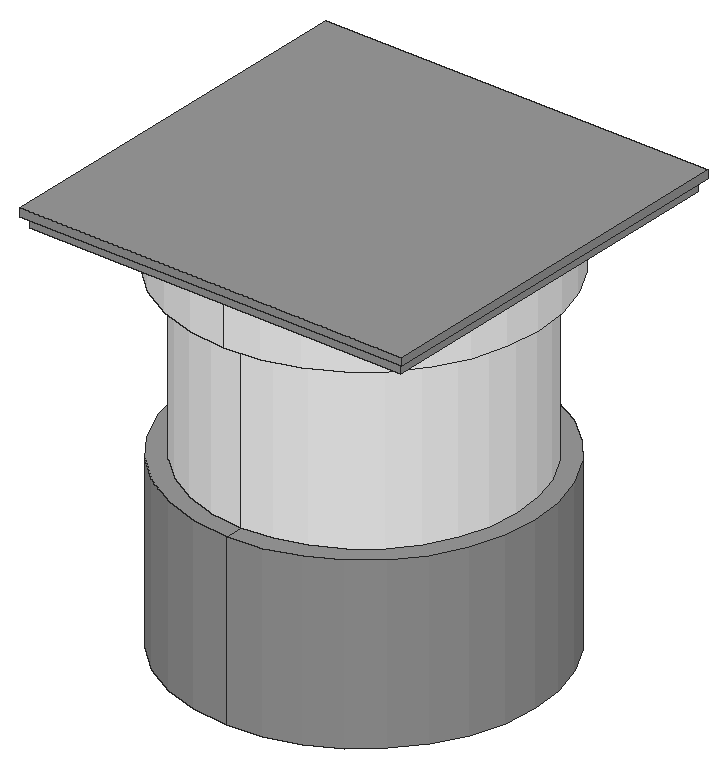
Revit family "HL_Универсальный трап вертикальный_HL73Pr", category Instalační zařizovací předměty, Revit 2016
Family settings
  Typ součásti = Normální
  Kóta kulaté spojky = Použít průměr
  Číslo OmniClass = 23.70.50.21.24.14
  Nadpis OmniClass = Deck Waste Water Drains
  Založené na pracovní rovině = Ne
  Vždy vertikální = Ano
  Ořezat dutým tvarem při načtení = Ne
  Sdílené = Ne
  Bod výpočtu místnosti = Ano
Parameters
  РЕШЁТКА = "115x115mm/ V2A"
  РАЗМЕР = "DN110"
  ПРОПУСКНАЯ СПОСОБНОСТЬ [instance] = 0.0 m³/h
  ПРОИЗВОДИТЕЛЬНОСТЬ = "0,46 l/s"
  ПРАВОВАЯ ИНФОРМАЦИЯ = "\"Copyright (©), design rights or any other intellectual property rights, shall be the exclusive property of HL Hutterer & Lechner GmbH. Modification is not allowed. Family has been watermarked.\""
  ПАДЕНИЕ ДАВЛЕНИЯ [instance] = 0.0 Pa
  НОМИНАЛЬНЫЙ ДИАМЕТР = 110 mm
  НАСАДКА = "121x121mm"
  МАТЕРИАЛ = "PP / Edelstahl V2A"
  МАКСИМАЛЬНАЯ НАГРУЗКА КЛАССА = "K3 - 300 kg"
  ВЕС = "0,457 kg"
  Výrobce = "HL Hutterer & Lechner GmbH"
  URL = "http://www.hutterer-lechner.com/en/products/catalog/roof-drains/HL73Pr.aspx"
  Description = "Anti flood valves"
  Model = "HL73Pr"
  Type Comments = "Plug-in drain Primus, DN110 (not socket)"
  Keynote = "HL73Pr"
  EAN = "9003076032327"
  Cena = 0
Types (2, lengths in mm): name | ПРАВОВАЯ ИНФОРМАЦИЯ | URL | Description | Type Comments
  (no name) | "\"Copyright (©), design rights or any other intellectual property rights, shall be the exclusive property of HL Hutterer & Lechner GmbH. Modification is not allowed. Family has been watermarked.\"" | "http://www.hutterer-lechner.com/en/products/catalog/roof-drains/HL73Pr.aspx" | "Anti flood valves" | "Plug-in drain Primus, DN110 (not socket)"
  HL_Универсальный трап вертикальный_HL73Pr | "\"Авторские права(©), права на дизайн или какие либо другие права интелектуальной собственности являются исключительной собственностью компании HL Hutterer & Lechner. Изменению не подлежит. Файл семейства с данными о прозводителе изделия защищен паролем с водяным знаком.\"" | "http://www.hutterer-lechner.com/ru/products/catalog/roof-drains/HL73Pr.aspx" | "Трап для внутренних помещений" | "Универсальный трап вертикальный DN110 \nс \"сухим\" сифоном"
Reference planes
  plane 1 "Střed (vpředu/vzadu)": y = 0
  plane 2: z = 0
  plane 3 "Střed (vlevo/vpravo)": x = 0
Forms (mm)
  Extrusion 1, solid, material "Stainless Steel", detail levels fine
    sketch origin (0, 0, 6) x (1, 0, 0) y (0, 1, 0)
      loop
        line (60.5, 60.5) -> (-60.5, 60.5) -> (-60.5, -60.5) -> (60.5, -60.5) -> (60.5, 60.5)
    from 0 to -2.5
  Extrusion 2, solid, material "Stainless Steel", detail levels fine
    sketch origin (0, 0, 3.5) x (0, 1, 0) y (1, 0, 0)
      loop
        line (-58.7, 58.7) -> (-58.7, -58.7) -> (58.7, -58.7) -> (58.7, 58.7) -> (-58.7, 58.7)
    from 0 to 3.5
  Revolve 3, solid, material "Plactic - White", detail levels fine
    sketch origin (0, 0, 6) x (0, 1, 0) y (0, 0, 1)
      loop
        line (55.311, -20.847) -> (55.311, -6) -> (0, -6) -> (0, -74.844) -> (48.542, -74.844) -> (48.542, -20.847) -> (55.311, -20.847)
      axis (0, -74.844) -> (0, -6)
    angle from 0 to 360
  Revolve 4, solid, material "Plactic - Black", detail levels fine
    sketch origin (0, 0, 6) x (0, 1, 0) y (0, 0, 1)
      loop
        line (0, -74.844) -> (0, -128.244) -> (54.343, -128.244) -> (54.343, -74.844) -> (0, -74.844)
      axis (0, -128.244) -> (0, -74.844)
    angle from 0 to 360
Lines and regions (mm)
  model lines, detail levels fine
    curve 1: arc (37.431, 24.454, 6) -> (44.772, -0.184, 6) -> (37.462, -24.831, 6) r 45.109
    curve 2: arc (30.854, -19.841, 6) -> (36.728, 0.159, 6) -> (30.854, 20.159, 6) r 36.986
    curve 3: arc (30.854, 20.159, 6) -> (31.992, 25.599, 6) -> (37.431, 24.454, 6) r 3.928
    curve 4: arc (37.462, -24.831, 6) -> (31.845, -25.4, 6) -> (30.854, -19.841, 6) r 4.152
    curve 5: arc (19.602, -31.094, 6) -> (25.16, -32.084, 6) -> (24.591, -37.702, 6) r 4.152
    curve 6: arc (-20.398, -31.094, 6) -> (-0.398, -36.968, 6) -> (19.602, -31.094, 6) r 36.986
    curve 7: arc (24.591, -37.702, 6) -> (-0.056, -45.012, 6) -> (-24.694, -37.671, 6) r 45.109
    curve 8: arc (-24.694, -37.671, 6) -> (-25.839, -32.232, 6) -> (-20.398, -31.094, 6) r 3.928
    curve 9: arc (-31.334, -19.841, 6) -> (-32.324, -25.4, 6) -> (-37.941, -24.831, 6) r 4.152
    curve 10: arc (-37.941, -24.831, 6) -> (-45.252, -0.184, 6) -> (-37.91, 24.454, 6) r 45.109
    curve 11: arc (-31.334, 20.159, 6) -> (-37.207, 0.159, 6) -> (-31.334, -19.841, 6) r 36.986
    curve 12: arc (-37.91, 24.454, 6) -> (-32.472, 25.599, 6) -> (-31.334, 20.159, 6) r 3.928
    curve 13: arc (-20.398, 31.094, 6) -> (-25.839, 32.232, 6) -> (-24.694, 37.671, 6) r 3.928
    curve 14: arc (-24.694, 37.671, 6) -> (-0.056, 45.012, 6) -> (24.591, 37.702, 6) r 45.109
    curve 15: arc (19.602, 31.094, 6) -> (-0.398, 36.968, 6) -> (-20.398, 31.094, 6) r 36.986
    curve 16: arc (24.591, 37.702, 6) -> (25.16, 32.084, 6) -> (19.602, 31.094, 6) r 4.152
  symbolic lines, style "Symbol", detail levels coarse+medium
    curve 17: line (74.972, 75.097, 0) -> (-75.028, 75.097, 0)
    curve 18: line (-75.028, 75.097, 0) -> (-75.028, -74.903, 0)
    curve 19: line (-75.028, -74.903, 0) -> (74.972, -74.903, 0)
    curve 20: line (74.972, -74.903, 0) -> (74.972, 75.097, 0)
    curve 21: line (74.972, 75.097, 0) -> (145.683, 145.807, 0)
    curve 22: line (-75.028, 75.097, 0) -> (-145.738, 145.807, 0)
    curve 23: line (74.972, -75.097, 0) -> (145.683, -145.807, 0)
    curve 24: line (-75.028, -75.097, 0) -> (-145.738, -145.807, 0)
  model lines, style "Symbol", detail levels coarse+medium
    curve 25: line (58.7, 0, 0) -> (0, 0, -58.7)
    curve 26: line (-58.7, 0, 0) -> (0, 0, -58.7)
    curve 27: line (0, 0, -58.7) -> (0, 0, -122.244)
  model lines, style "InvisibleLines"
    curve 28: line (0, 0, 0) -> (0, 0, 560)
Dimensions and locks
  aligned and locked: level to plane 2
  aligned and locked: plane 2 to curve 28
  aligned and locked: plane 3 "Střed (vlevo/vpravo)" to curve 28
Connectors
  piping at (0, 0, -14.847), diameter 110, driven by "ПАДЕНИЕ ДАВЛЕНИЯ", driven by "НОМИНАЛЬНЫЙ ДИАМЕТР", driven by "ПРОПУСКНАЯ СПОСОБНОСТЬ"
    settings: on Revolve 3, index 2, connector inside diameter 609.6 mm, connector length 0 mm, flow factor 0, pipe flow 0.0 m³/h, pressure drop 0.0 Pa, fitting loss kfactor 0, connector angle 0.00°, fixture units 0, engagement length 0 mm, angle of deflection 0.00°, flow configuration 0, flow direction 0, fitting loss method 4, system type 16, joint type 0, gender type 0, connector reference index -1, connector utility 0, adjustable connector no, is connector primary yes, connector description ""
